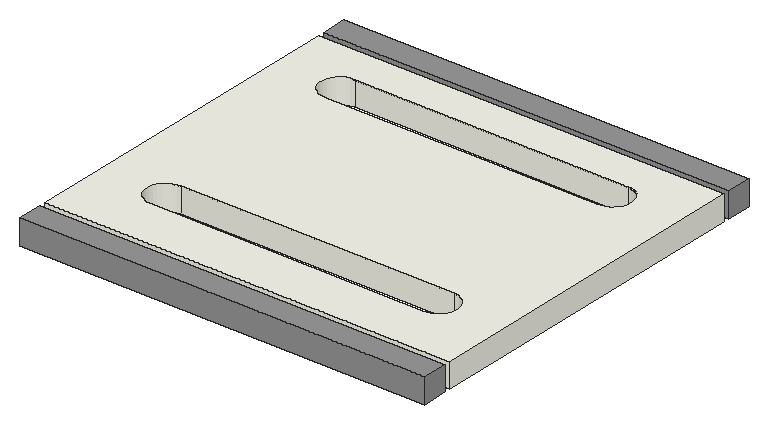
Revit family "KEUCO_44985011701", category Allgemeines Modell, Revit 2016
Family settings
  Teiletyp = Normal
  Kann Basisbauteil für Bewehrung sein = Nein
  Bemaßung runder Anschluss = Durchmesser verwenden
  Arbeitsebenenbasiert = Ja
  Immer vertikal = Nein
  Beim Laden mit Abzugskörper schneiden = Nein
  Gemeinsam genutzt = Nein
  Raumberechnungspunkt = Nein
Parameters (values of type "44985011701")
  Verwendung = "WP"  # constant formula
  Preisgruppe = ""
  Kategorie = ""
  Gewicht = 0
  Breite = 326 mm  # constant formula
  URL = "https://www.keuco.com/de/produkte/sortiment/artikel/?pid=44985&oid=1&pgo=4&country=de&lang=de&vid=44985011701"
  Materialien bei Hersteller anfragen = "Anfrage zu:  objektmanagement@keuco.de"
  Material = Stahl, verchromt
  Höhe = 325 mm  # constant formula
  Beschreibung = "für die Wandeinbau-Montage\r\nFront: Aluminium lackiert\r\nwahlweise Aluminium silber (RAL 9006) oder weiß (RAL 9010)\r\nWandeinbaukorpus: Stahlblech verzinkt und lackiert\r\n\r\nkomplett, bestehend aus:\r\n- 2 Papiertuchspendern (geeignet für die Aufnahme von\r\n  jeweils ca. 100 Stück Papierhandtüchern bei einer\r\n  Abmessung von 25 x 23 cm in Z-Faltung)"
  Default Elevation = 1219.2 mm
  Serie = "Plan"  # constant formula
  Material Tür = Weiß (RAL 9010)
  Hersteller = "KEUCO"  # constant formula
  Assembly Code = ""
  Ausschreibungstext = "KEUCO PLAN INTEGRAL Waschtisch Modul 2, 44985011701 \r\nfür die Wandeinbau-Montage\r\nzeitloses Waschtisch Modul in funktionellem Design\r\n\r\nKorpus:\r\nStahlblech, gekantet, \r\nverzinkt und pulverbeschichtet (RAL 9006 Aluminium silber), \r\nMontagelöcher seitlich, Deckblenden aus Zinkdruckguss, verchromt\r\n\r\nTür:\r\nAluminium, lackiert (RAL 9006 Aluminium silber), \r\nlinks angeschlagen, mit verdeckter Griffmulde, \r\nmit Öffnungssperre und verdeckt integriertem Lösemechanismus, \r\nmit zwei Entnahme-Öffnungen\r\n\r\nkomplett, bestehend aus:\r\n- 2 Papiertuchspendern (geeignet für die Aufnahme \r\n  von jeweils ca. 100 Stück Papierhandtüchern \r\n  bei einer Abmessung von 25 x 23 cm in Z-Faltung)\r\n\r\nAußenmaße: Höhe 325 mm, Breite 326 mm, Tiefe 143 mm\r\n\r\nAusschnittsmaße: Höhe 302 mm, Breite 302 mm, Tiefe 125 mm"
  Artikelnummer = "44985011701"
Types (4, lengths in mm): name | URL | Materialien bei Hersteller anfragen | Material Tür | Ausschreibungstext | Artikelnummer
  44985011701 | "https://www.keuco.com/de/produkte/sortiment/artikel/?pid=44985&oid=1&pgo=4&country=de&lang=de&vid=44985011701" | "Anfrage zu:  objektmanagement@keuco.de" | Weiß (RAL 9010) | "KEUCO PLAN INTEGRAL Waschtisch Modul 2, 44985011701 \r\nfür die Wandeinbau-Montage\r\nzeitloses Waschtisch Modul in funktionellem Design\r\n\r\nKorpus:\r\nStahlblech, gekantet, \r\nverzinkt und pulverbeschichtet (RAL 9006 Aluminium silber), \r\nMontagelöcher seitlich, Deckblenden aus Zinkdruckguss, verchromt\r\n\r\nTür:\r\nAluminium, lackiert (RAL 9006 Aluminium silber), \r\nlinks angeschlagen, mit verdeckter Griffmulde, \r\nmit Öffnungssperre und verdeckt integriertem Lösemechanismus, \r\nmit zwei Entnahme-Öffnungen\r\n\r\nkomplett, bestehend aus:\r\n- 2 Papiertuchspendern (geeignet für die Aufnahme \r\n  von jeweils ca. 100 Stück Papierhandtüchern \r\n  bei einer Abmessung von 25 x 23 cm in Z-Faltung)\r\n\r\nAußenmaße: Höhe 325 mm, Breite 326 mm, Tiefe 143 mm\r\n\r\nAusschnittsmaße: Höhe 302 mm, Breite 302 mm, Tiefe 125 mm" | "44985011701"
  44985011702 | "https://www.keuco.com/de/produkte/sortiment/artikel/?pid=44985&oid=1&pgo=4&country=de&lang=de&vid=44985011702" | "Request to:  objektmanagement@keuco.de" | Aluminium 1100-H18 | "KEUCO PLAN INTEGRAL Waschtisch Modul 2, 44985011702 \r\nfür die Wandeinbau-Montage\r\nzeitloses Waschtisch Modul in funktionellem Design\r\n\r\nKorpus:\r\nStahlblech, gekantet, \r\nverzinkt und pulverbeschichtet (RAL 9006 Aluminium silber), \r\nMontagelöcher seitlich, Deckblenden aus Zinkdruckguss, verchromt\r\n\r\nTür:\r\nAluminium, lackiert (RAL 9006 Aluminium silber), \r\nrechts angeschlagen, mit verdeckter Griffmulde, \r\nmit Öffnungssperre und verdeckt integriertem Lösemechanismus, \r\nmit zwei Entnahme-Öffnungen\r\n\r\nkomplett, bestehend aus:\r\n- 2 Papiertuchspendern (geeignet für die Aufnahme \r\n  von jeweils ca. 100 Stück Papierhandtüchern \r\n  bei einer Abmessung von 25 x 23 cm in Z-Faltung)\r\n\r\nAußenmaße: Höhe 325 mm, Breite 326 mm, Tiefe 143 mm\r\n\r\nAusschnittsmaße: Höhe 302 mm, Breite 302 mm, Tiefe 125 mm" | "44985011702"
  44985015101 | "https://www.keuco.com/de/produkte/sortiment/artikel/?pid=44985&oid=1&pgo=4&country=de&lang=de&vid=44985015101" | "Request to:  objektmanagement@keuco.de" | Weiß (RAL 9010) | "KEUCO PLAN INTEGRAL Waschtisch Modul 2, 44985015101 \r\nfür die Wandeinbau-Montage\r\nzeitloses Waschtisch Modul in funktionellem Design\r\n\r\nKorpus:\r\nStahlblech, gekantet, \r\nverzinkt und pulverbeschichtet (RAL 9006 Aluminium silber), \r\nMontagelöcher seitlich, Deckblenden aus Zinkdruckguss, verchromt\r\n\r\nTür:\r\nAluminium, lackiert (RAL 9010 weiß), \r\nlinks angeschlagen, mit verdeckter Griffmulde, \r\nmit Öffnungssperre und verdeckt integriertem Lösemechanismus, \r\nmit zwei Entnahme-Öffnungen\r\n\r\nkomplett, bestehend aus:\r\n- 2 Papiertuchspendern (geeignet für die Aufnahme \r\n  von jeweils ca. 100 Stück Papierhandtüchern \r\n  bei einer Abmessung von 25 x 23 cm in Z-Faltung)\r\n\r\nAußenmaße: Höhe 325 mm, Breite 326 mm, Tiefe 143 mm\r\n\r\nAusschnittsmaße: Höhe 302 mm, Breite 302 mm, Tiefe 125 mm" | "44985015101"
  44985015102 | "https://www.keuco.com/de/produkte/sortiment/artikel/?pid=44985&oid=1&pgo=4&country=de&lang=de&vid=44985015102" | "Request to:  objektmanagement@keuco.de" | Weiß (RAL 9010) | "KEUCO PLAN INTEGRAL Waschtisch Modul 2, 44985015102 \r\nfür die Wandeinbau-Montage\r\nzeitloses Waschtisch Modul in funktionellem Design\r\n\r\nKorpus:\r\nStahlblech, gekantet, \r\nverzinkt und pulverbeschichtet (RAL 9006 Aluminium silber), \r\nMontagelöcher seitlich, Deckblenden aus Zinkdruckguss, verchromt\r\n\r\nTür:\r\nAluminium, lackiert (RAL 9010 weiß), \r\nrechts angeschlagen, mit verdeckter Griffmulde, \r\nmit Öffnungssperre und verdeckt integriertem Lösemechanismus, \r\nmit zwei Entnahme-Öffnungen\r\n\r\nkomplett, bestehend aus:\r\n- 2 Papiertuchspendern (geeignet für die Aufnahme \r\n  von jeweils ca. 100 Stück Papierhandtüchern \r\n  bei einer Abmessung von 25 x 23 cm in Z-Faltung)\r\n\r\nAußenmaße: Höhe 325 mm, Breite 326 mm, Tiefe 143 mm\r\n\r\nAusschnittsmaße: Höhe 302 mm, Breite 302 mm, Tiefe 125 mm" | "44985015102"
Reference planes
  plane 1 "Center (Front/Back)": y = 0
  plane 2: z = 0
  plane 3 "Center (Left/Right)": x = 0
  plane 4: y = 325
  plane 5: z = 0
  plane 6: x = -163
  plane 7: z = 20
  plane 8: y = 162.5
  plane 9: y = 304.898
  plane 10: y = 20.102
  plane 11: y = 299.898
  plane 12: y = 25.102
  plane 13: x = 163
  plane 14: y = 269.898
  plane 15: y = 239.898
  plane 16: y = 95.102
  plane 17: y = 65.102
  plane 18: x = 125
  plane 19: x = -125
Forms (mm)
  Extrusion 1, solid, material "Stahl, verchromt" <- "Material"
    sketch origin (0, 0, 0) x (1, 0, 0) y (0, 1, 0)
      loop
        line (-163, 325) -> (-163, 304.898) -> (163, 304.898) -> (163, 325) -> (-163, 325)
    from 0 to 20
  Extrusion 2, solid, material "Stahl, verchromt" <- "Material"
    sketch origin (0, 775, 0) x (1, 0, 0) y (0, 1, 0)
      loop
        line (-163, -775) -> (163, -775) -> (163, -754.898) -> (-163, -754.898) -> (-163, -775)
    from 0 to 20
  Extrusion 3, solid, material "Weiß (RAL 9010)" <- "Material Tür"
    sketch origin (0, 0, 0) x (1, 0, 0) y (0, 1, 0)
      loop
        line (-163, 299.898) -> (-163, 25.102) -> (163, 25.102) -> (163, 299.898) -> (-163, 299.898)
    from 0 to 20
  Extrusion 4, void
    sketch origin (0, 0, 0) x (1, 0, 0) y (0, 1, 0)
      loop
        arc (110, 239.898) -> (125, 254.898) -> (110, 269.898) r 15
        line (110, 269.898) -> (-110, 269.898)
        arc (-110, 269.898) -> (-125, 254.898) -> (-110, 239.898) r 15
        line (-110, 239.898) -> (110, 239.898)
    from 0 to 250
  Extrusion 5, void
    sketch origin (0, 0, 0) x (1, 0, 0) y (0, 1, 0)
      loop
        line (-110, 65.102) -> (110, 65.102)
        arc (110, 65.102) -> (125, 80.102) -> (110, 95.102) r 15
        line (110, 95.102) -> (-110, 95.102)
        arc (-110, 95.102) -> (-125, 80.102) -> (-110, 65.102) r 15
    from 0 to 250
Cuts and joins
  Extrusion 4, Extrusion 5 cuts Extrusion 3
Dimensions and locks
  plane 5 to plane 2 = 0 mm
  "Höhe": plane 1 "Center (Front/Back)" to plane 4
  plane 7 to plane 5 = 20 mm
  equal spacing: plane 4, plane 8, plane 1 "Center (Front/Back)"
  locked: plane 4 to plane 9 at 20.102
  locked: plane 1 "Center (Front/Back)" to plane 10 at 20.102
  plane 9 to plane 11 = 5 mm
  plane 10 to plane 12 = 5 mm
  "Breite": plane 6 to plane 13
  plane 3 "Center (Left/Right)" to plane 13 = 163 mm
  equal spacing: plane 6, plane 3 "Center (Left/Right)", plane 13
  plane 11 to plane 14 to plane 15 = 30 mm, 30 mm
  plane 16 to plane 17 to plane 12 = 30 mm, 40 mm
  equal spacing: plane 19, plane 3 "Center (Left/Right)", plane 18
  plane 19 to plane 18 = 250 mm
  aligned and locked: level to plane 2
  aligned and locked: Extrusion 1 to plane 9
  aligned and locked: Extrusion 1 to plane 6
  aligned and locked: plane 4 to Extrusion 1
  aligned and locked: plane 10 to Extrusion 2
  aligned and locked: Extrusion 2 to plane 10
  aligned and locked: plane 1 "Center (Front/Back)" to Extrusion 2
  aligned and locked: Extrusion 3 to plane 12
  aligned and locked: Extrusion 3 to plane 6
  aligned and locked: plane 5 to Extrusion 1
  aligned and locked: plane 5 to Extrusion 3
  aligned and locked: plane 5 to Extrusion 2
  aligned and locked: plane 7 to Extrusion 2
  aligned and locked: plane 7 to Extrusion 3
  aligned and locked: plane 7 to Extrusion 1
  aligned and locked: plane 11 to Extrusion 3
  aligned and locked: Extrusion 1 to plane 13
  aligned and locked: Extrusion 3 to plane 13
  aligned and locked: Extrusion 2 to plane 13
  aligned and locked: Extrusion 2 to plane 6
  aligned and locked: plane 16 to cut or joined group of Extrusion 3, Extrusion 4, Extrusion 5
  aligned and locked: cut or joined group of Extrusion 3, Extrusion 4, Extrusion 5 to plane 17
  aligned and locked: plane 15 to Extrusion 4 sketch curve
  aligned and locked: Extrusion 4 sketch curve to plane 14
Automatic sketch dimensions
  Extrusion 1 sketch curve to plane 6 = 0 mm
  Extrusion 1 sketch curve to plane 9 = 0 mm
  Extrusion 1 sketch curve to plane 4 = 0 mm
  Extrusion 2 sketch curve to plane 6 = 0 mm
  Extrusion 2 sketch curve to plane 10 = 0 mm
  plane 1 "Center (Front/Back)" to Extrusion 2 sketch curve = 0 mm
  plane 6 to Extrusion 3 sketch curve = 0 mm
  Extrusion 3 sketch curve to plane 12 = 0 mm
  plane 8 to Extrusion 3 sketch curve = 137.398 mm
  plane 3 "Center (Left/Right)" to Extrusion 1 sketch curve = 163 mm
  Extrusion 2 sketch curve to plane 3 "Center (Left/Right)" = 163 mm
  plane 3 "Center (Left/Right)" to Extrusion 3 sketch curve = 163 mm
  Extrusion 5 sketch curve to plane 17 = 0 mm
  Extrusion 5 sketch curve to plane 16 = 0 mm
  plane 19 to Extrusion 5 sketch curve = 15 mm
  Extrusion 5 sketch curve to plane 18 = 15 mm
  plane 3 "Center (Left/Right)" to Extrusion 4 sketch curve = 110 mm
  Extrusion 4 sketch curve to plane 3 "Center (Left/Right)" = 110 mm
